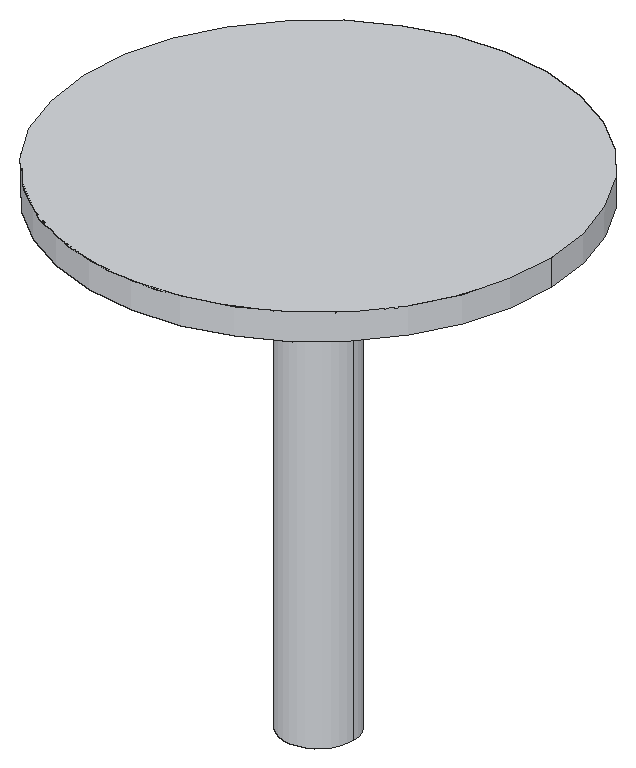
Revit family "e13611210bb34de68fcc17d4a52a5b81", category Sprinklers, host Face, Revit 2021
Family settings
  Host = Face
  Maintain Annotation Orientation = Yes
  Round Connector Dimension = Use Radius
  Part Type = Normal
  OmniClass Number = 23.65.70.17.11.24
  OmniClass Title = Fire Fighting Sprinkler Heads
  Seek Item ID = Sprinkler - Dry - Pendent - Fully Recessed - Hosted-0000-USA-ENU
  Cut with Voids When Loaded = No
  Shared = No
  Room Calculation Point = No
Parameters (values of type "1/2" Dry Pendent")
  Temperature Rating = 135 °F
  Symbol [instance] = Sprinkler - Symbol - Pendent : Sprinkler - Symbol - Pendent
  Response = Standard
  Pressure Drop [instance] = 7.00 psi
  Pressure Class = Standard
  Orifice Size = 1/2"
  Orifice = Standard
  K-Factor = 5.6
  Flow [instance] = 30 GPM
  Escutcheon Diameter = 3 5/16"
  Diameter = 1"
  Coverage = Standard
  Nominal Diameter = Nominal Radius * 2  # 1/2"
  Nominal Radius = 1/4"
  Escutcheon Radius = 0.5 * Escutcheon Diameter  # 1 21/32"
  Protrusion = 0"
  Overall Length = 3 7/8"
  Escutcheon Thickness = 3/16"
  Default Elevation = 8' - 0"
  CEL = 1/2"
  Assembly Code = ""
Types (4): name | Symbol | Diameter
  1/2" Dry Pendent | Sprinkler - Symbol - Pendent : Sprinkler - Symbol - Pendent | 1"
  1/2" Dry Pendent on Drop | Sprinkler - Symbol - Pendent on Drop : Sprinkler - Symbol - Pendent on Drop | 1/2"
  1/2" Dry Pendent on Drop with Guard | Sprinkler - Symbol - Pendent on Drop with Guard : Sprinkler - Symbol - Pendent on Drop with Guard | 1/2"
  1/2" Dry Pendent with Guard | Sprinkler - Symbol - Pendent with Guard : Sprinkler - Symbol - Pendent with Guard | 1/2"
Reference planes (in)
  plane 1 "Center (Front/Back)": y = 0
  plane 2: z = 0
  plane 3 "Center (Left/Right)": x = 0
  plane 4: z = -3.875
  plane 5: z = 0.1875
  plane 6: z = 0
  plane 7: z = -3.375
Forms (in)
  Extrusion 1, solid
    sketch origin (0, 0, 0) x (1, 0, 0) y (0, 1, 0)
      loop
        circle (0, 0) r 0.25
    from -3.375 to 0
  Extrusion 2, solid
    sketch origin (0, 0, 0) x (1, 0, 0) y (0, 1, 0)
      loop
        circle (0, 0) r 1.65625
    from 0 to 0.1875
Cuts and joins
  joined: Extrusion 1, Extrusion 2
Dimensions and locks (in)
  "Escutcheon Thickness": plane 5 to level
  "Protrusion": plane 6 to level
  "Overall Length": plane 6 to plane 4
  "CEL": plane 7 to plane 4
  "Nominal Radius": radius of Extrusion 1 sketch curve
  "Escutcheon Radius": radius of Extrusion 2 sketch curve
  aligned and locked: plane 2 to host face
  aligned and locked: level to host face
  aligned and locked: Extrusion 2 to level
  aligned and locked: plane 5 to Extrusion 2
  aligned and locked: plane 6 to Extrusion 1
  aligned and locked: Extrusion 1 to plane 7
Automatic sketch dimensions
  Extrusion 1 sketch curve to plane 1 "Center (Front/Back)" = 0' - 0"
  Extrusion 1 sketch curve to plane 3 "Center (Left/Right)" = 0' - 0"
  Extrusion 2 sketch curve to plane 1 "Center (Front/Back)" = 0' - 0"
  Extrusion 2 sketch curve to plane 3 "Center (Left/Right)" = 0' - 0"
  host sketch curve to host sketch curve = 8' - 0"  (x2)
Nested families (in)
  nested 1: "Sprinkler - Symbol - Pendent" at (0, 0, 0), type <- "Symbol", type "Sprinkler - Symbol - Pendent"
Connectors (in)
  piping at (0, 0, -3.375), diameter 0.5, driven by "Nominal Radius", driven by "Flow", driven by "Pressure Drop"
    settings: on cut or joined group of Extrusion 1, Extrusion 2, index 1, connector inside diameter 1/2", connector length 0' - 0", flow factor 0, pipe flow 30 GPM, pressure drop 7.00 psi, fitting loss kfactor 0, connector angle 0.00°, fixture units 0, engagement length 0' - 0", angle of deflection 0.00°, flow configuration 1, flow direction 1, fitting loss method 4, system type 24, joint type 0, gender type 0, connector reference index -1, connector utility 0, adjustable connector no, is connector primary yes, connector description "In"
Definition of nested family "Sprinkler - Symbol - Pendent"
  Parameters
    Symbol Radius = 0.5 * Symbol Diameter  # 0' - 0 1/16"
    Symbol Diameter = 0' - 0 1/8"
  Reference planes (in)
    plane 1: y = 0
    plane 2: x = 0
  Lines and regions (in)
    detail lines
      curve 1: circle (0, 0, 0) r 0.0625 normal (0, 0, 1)
  Dimensions and locks (in)
    "Symbol Radius": radius of curve 1
  Automatic sketch dimensions
    curve 1 to plane 1 = 0' - 0"
    curve 1 to plane 2 = 0' - 0"
